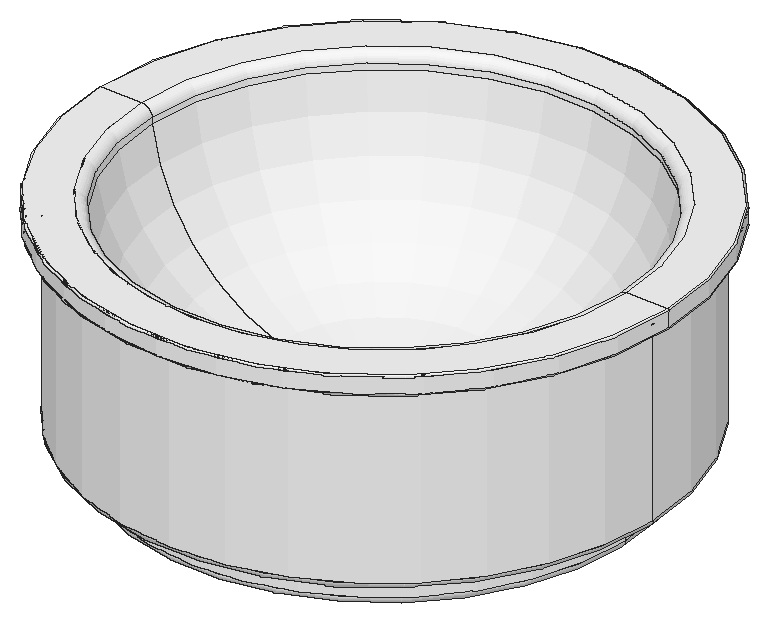
Revit family "Tris Inset", category Plumbing Fixtures, Revit 2013
Parameters (values of type "Tris Inset")
  URL = "http://www.yepsketch.com"
  Product Code = "62SB"
  Model = "Tris Inset"
  Material = Ceramic
  Manufacturer = "Studio Bagno"
  Dimensions = "420 x 170 mm"
  Cost = 449
  Author = "YEPSKETCH"
  Assembly Code = "D2010310"
Reference planes
  plane 1 "Center (Front/Back)": y = 0
  plane 2: z = 0
  plane 3 "Center (Left/Right)": x = 0
Forms (mm)
  Revolve 1, solid, material "Ceramic" <- "Material"
    sketch origin (0, 0, 0) x (1, 0, 0) y (0, 0, 1)
      loop
        line (-21.531, 0) -> (-21.531, 34.379)
        arc (-21.531, 34.379) -> (-21.607, 34.762) -> (-21.824, 35.086) r 1
        line (-21.824, 35.086) -> (-27.223, 40.486)
        arc (-27.223, 40.486) -> (-27.58, 40.715) -> (-27.999, 40.776) r 1
        arc (-27.999, 40.776) -> (-123.195, 71.314) -> (-171.367, 158.919) r 135.168
        line (-171.367, 158.919) -> (-171.649, 162.959)
        arc (-171.649, 162.959) -> (-174.075, 168.044) -> (-179.318, 170.109) r 7.687
        line (-179.318, 170.109) -> (-209.102, 170.109)
        arc (-209.102, 170.109) -> (-209.809, 169.816) -> (-210.102, 169.109) r 1
        line (-210.102, 169.109) -> (-210.102, 157.919)
        arc (-210.102, 157.919) -> (-209.809, 157.212) -> (-209.102, 156.919) r 1
        line (-209.102, 156.919) -> (-199.393, 156.919)
        arc (-199.393, 156.919) -> (-198.686, 156.626) -> (-198.393, 155.919) r 1
        line (-198.393, 155.919) -> (-198.393, 26.463)
        arc (-198.393, 26.463) -> (-197.097, 23.335) -> (-193.969, 22.039) r 4.424
        line (-193.969, 22.039) -> (-178.999, 22.039)
        arc (-178.999, 22.039) -> (-178.294, 21.747) -> (-178.002, 21.042) r 0.997
        line (-178.002, 21.042) -> (-178.002, 5.738)
        arc (-178.002, 5.738) -> (-176.321, 1.681) -> (-172.264, 0) r 5.738
        line (-172.264, 0) -> (-21.531, 0)
      axis (0, 170.109) -> (0, 0)
    angle from 0 to 360
  Revolve 2, solid, material "Steel, Chrome Plated", detail levels fine
    sketch origin (0, 0, 0) x (1, 0, 0) y (0, 0, 1)
      loop
        arc (0, 50.763) -> (-13.76, 49.623) -> (-27.167, 46.324) r 87.112
        arc (-27.167, 46.324) -> (-27.663, 45.961) -> (-27.852, 45.375) r 1
        line (-27.852, 45.375) -> (-27.852, 43.936)
        arc (-27.852, 43.936) -> (-27.559, 43.229) -> (-26.852, 42.936) r 1
        line (-26.852, 42.936) -> (0, 42.936) -> (0, 50.763)
      axis (0, 50.763) -> (0, 42.936)
    angle from 0 to 360
Dimensions and locks
  aligned and locked: level to plane 2
